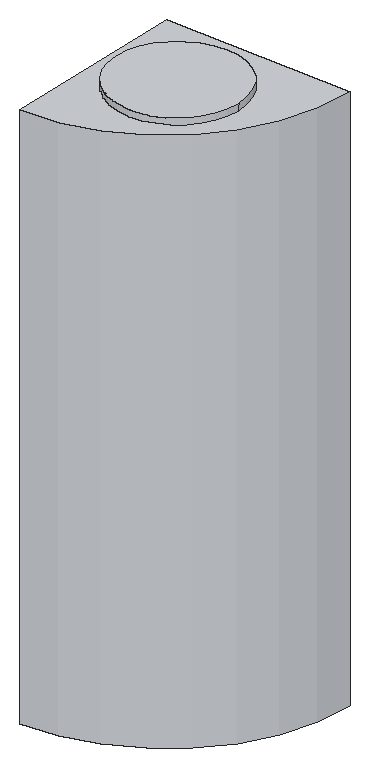
Revit family "Kvartrund diff ventil", category Air Terminals, host Face, Revit 2013
Parameters
  Flow = 180.0 m³/h
  Default Elevation = 1219.2 mm
Reference planes
  plane 1 "Center (Front/Back)": y = 0
  plane 2: z = 0
  plane 3 "Center (Left/Right)": x = 0
Forms (mm)
  Extrusion 1, solid
    sketch origin (0, 0, 0) x (1, 0, 0) y (0, 1, 0)
      loop
        line (0, 0) -> (0, -300)
        arc (0, -300) -> (212.132, -212.132) -> (300, 0) r 300
        line (300, 0) -> (0, 0)
    from 0 to 900
  Extrusion 2, solid
    sketch origin (0, 0, 0) x (1, 0, 0) y (0, 1, 0)
      loop
        circle (119.024, -125.728) r 100
    from 900 to 910
Dimensions and locks
  Extrusion 1 sketch curve to Extrusion 1 sketch curve = 300 mm  (x2)
  radius of Extrusion 1 sketch curve = 300 mm
  aligned and locked: plane 2 to host face
  aligned and locked: level to host face
Connectors
  hvac at (119.024, -125.728, 910)
    settings: on Extrusion 2, index 1, duct flow 180.095 m³/h, flow factor 0, pres drop 0.00 in-wg, loss coef 0, conn angle 0.00°, conn width 12", conn height 12", conn radius 3.93701", duct sys type 1, conn prof type 0, flow config 0, flow direction 0, loss method 0, conn ref index -1, conn util no, is conn primary yes, conn desc ""
